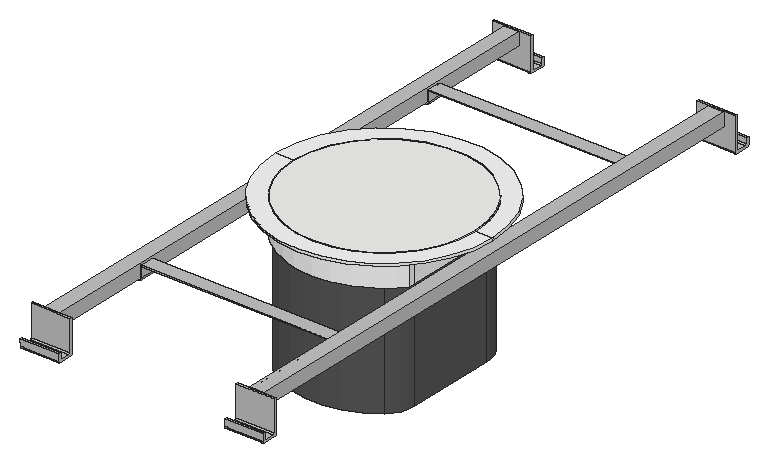
Revit family "Electronics_Commercial-Loudspeakers-Back-Can_Biamp_Full-Range_CM10TB", category Communication Devices, host Face, Revit 2020
Family settings
  Host = Face
  Maintain Annotation Orientation = No
  Round Connector Dimension = Use Diameter
  Part Type = Normal
  OmniClass Number = 23.85.10.11.14.14.14
  OmniClass Title = Loudspeakers
  Cut with Voids When Loaded = No
  Shared = No
  Room Calculation Point = No
Parameters (values of type "CM10TB")
  Weight = 4.60 lbf  # constant formula
  Version = 1
  URL = "https://www.biamp.com/"
  Transformer = "70 V: 10 W, 5 W, 2.5 W, 1.25 W, 0.625 W;  100 V: 10 W, 5 W, 2.5 W, 1.25 W"  # constant formula
  Transducer = "Full-range 1 x 5.5 (140 mm) paper diaphragm driver"  # constant formula
  Tile Bridge [instance] = yes
  Sensitivity = "1 m; 94 dB (2.83 V) ;94 dB (1 W, 8 Ω)"  # constant formula
  Required Accessories = "130 Hz, 12 dB / oct. Butterworth high pass flter;DSP presets for Tesira or ALCs "  # constant formula
  Recommended Amplifers = "10 W - 20 W, 8 Ω (9 V - 13 V)"  # constant formula
  Rated Maximum SPL(Processed) = "Peak - 115dB; Continuous - 103dB"  # constant formula
  Rated Continuous Voltage = "9 V (19 dBV)"  # constant formula
  Product data url = "https://bimobject.com/biamp/product/cm10tb-commercial-loudspeakers-back-can"
  Product Page URL = "https://www.biamp.com/products/product-families/commercial-loudspeakers/loudspeaker-back-can#cm10tb"
  Product Documentation Link = "https://downloads.biamp.com/assets/docs/default-source/data-sheets/biamp_datasheet_commercial_loudspeakers_cm10tb_5jun23.pdf"
  Operating Range (-10dB) = "120 Hz to 20 kHz  "  # constant formula
  Operating Mode = "Passive with selectable low-impedance or 70 V/100 V operation"  # constant formula
  Operating Environment = "Indoor"  # constant formula
  Nominal Maximum SPL(Processed) = "Peak - 109dB; Continuous - 103dB"  # constant formula
  Nominal Continuous Power Handling = "Passive 9 V (10 W @ 8 Ω)"  # constant formula
  Nominal Beamwidth (H x V) = "145°, (conical)"  # constant formula
  Nom ceiling thikness [instance] = if(or(Ceiling Thickness < 0.25197", Ceiling Thickness = 0.25197"), 0.25197", if(and(Ceiling Thickness > 0.25197", Ceiling Thickness < 3"), Ceiling Thickness, if(or(Ceiling Thickness > 3", Ceiling Thickness = 3"), 3", 0")))  # 0.3937"
  Mounting Provisions = "2 mounting clamps with 46 mm (1.8) grip range"  # constant formula
  Model = "CM10TB"  # constant formula
  Manufacturer = "Biamp"  # constant formula
  Input Connection = "4-position terminal block"  # constant formula
  Housing Material = Biamp - Metal - White
  Grill Material = Biamp - Plastic - White(Grid)
  Diameter = 6.25984"  # constant formula
  Description = "CM10TB Full-Range 5.5-Inch 2 FT X 2 FT Ceiling Mount Loudspeaker"  # constant formula
  Depth = 8.77953"  # constant formula
  Default Elevation = 48"
  Date Updated = ""
  Date Created = "2023/08/21"
  Controls = "Wattage / low impedance selector switch"  # constant formula
  Connector Description = "Terminal block; 9 V (10 W @ 8 Ω),70/100V operation"  # constant formula
  Compliance = "ETL listed to comply with UL1480, UL2043 and CSA62368-1 Suitable for use in air handling spaces per NFPA 70 and NFPA 90"  # constant formula
  Ceiling Thickness [instance] = 0.3937"
Reference planes (in)
  plane 1 "Center (Front/Back)": y = 0
  plane 2: z = 0
  plane 3 "Center (Left/Right)": x = 0
Forms (in)
  Extrusion 1, solid, material "Biamp - Plastic - Black", detail levels coarse
    sketch origin (0, 0, 0) x (1, 0, 0) y (0, 1, 0)
      loop
        circle (0, 0) r 3.70079
    from -5.82677 to -1.1811
  Extrusion 2, solid, material "Biamp - Plastic - White(Grid)" <- "Grill Material", detail levels coarse
    sketch origin (0, 0, 0) x (1, 0, 0) y (0, 1, 0)
      loop
        circle (0, 0) r 3.70079
    from 0 to 0.10236
  Revolve 3, solid, material "Biamp - Metal - White" <- "Housing Material", detail levels coarse
    sketch origin (0, 0, 0) x (1, 0, 0) y (0, 0, 1)
      loop
        line (-3.70079, 0.10236) -> (-4.40945, 0.10236) -> (-4.40945, 0) -> (-3.70079, 0) -> (-3.70079, 0.10236)
      axis (0, 0) -> (0, 0.10236)
    angle from 0 to 360
  Revolve 4, solid, material "Biamp - Metal - White" <- "Housing Material", detail levels coarse
    sketch origin (0, 0, 0) x (1, 0, 0) y (0, 0, 1)
      loop
        line (-3.70079, 0) -> (-3.70079, -1.1811) -> (0, -1.1811) -> (0, 0) -> (-3.70079, 0)
      axis (0, -1.1811) -> (0, 0)
    angle from 0 to 360
  Revolve 5, solid, material "Biamp - Metal - White" <- "Housing Material", detail levels medium+fine
    sketch origin (0, 0, 0) x (1, 0, 0) y (0, 0, 1)
      loop
        line (-3.70079, 0.10236) -> (-4.40945, 0.10236) -> (-4.40945, 0) -> (-3.70079, 0) -> (-3.70079, 0.10236)
      axis (0, 0) -> (0, 0.10236)
    angle from 0 to 360
  Extrusion 6, solid, material "Biamp - Plastic - White(Grid)" <- "Grill Material", detail levels medium+fine
    sketch origin (0, 0, 0) x (1, 0, 0) y (0, 1, 0)
      loop
        circle (0, 0) r 3.70079
    from 0 to 0.10236
  Revolve 7, solid, material "Biamp - Metal - White" <- "Housing Material", detail levels medium+fine
    sketch origin (0, 0, 0) x (1, 0, 0) y (0, 0, 1)
      loop
        line (-3.70079, 0) -> (-3.70079, -1.1811) -> (0, -1.1811) -> (0, 0) -> (-3.70079, 0)
      axis (0, -1.1811) -> (0, 0)
    angle from 0 to 360
  Extrusion 8, solid, material "Biamp - Plastic - Black", detail levels medium+fine
    sketch origin (0, 0, 0) x (1, 0, 0) y (0, 1, 0)
      loop
        circle (0, 0) r 3.70079
    from -5.82677 to -1.1811
  Extrusion 9, void
    sketch origin (0, 0, -5.82677) x (0, 1, 0) y (1, 0, 0)
      loop
        arc (1.82533, -2.69875) -> (2.36614, -2.59129) -> (2.82478, -2.28522) r 1.41452
        arc (2.82478, -2.28522) -> (3.62914, 0) -> (2.82478, 2.28522) r 3.64839
        arc (2.82478, 2.28522) -> (2.36614, 2.59129) -> (1.82533, 2.69875) r 1.41452
        line (1.82533, 2.69875) -> (-1.82533, 2.69875)
        arc (-1.82533, 2.69875) -> (-2.36614, 2.59129) -> (-2.82478, 2.28522) r 1.41452
        arc (-2.82478, 2.28522) -> (-3.62914, 0) -> (-2.82478, -2.28522) r 3.64839
        arc (-2.82478, -2.28522) -> (-2.36614, -2.59129) -> (-1.82533, -2.69875) r 1.41452
        line (-1.82533, -2.69875) -> (1.82533, -2.69875)
      loop
        circle (-0.01925, 0) r 4.13386
    from -4.64567 to 0
  Extrusion 10, void
    sketch origin (0, 0, -1.1811) x (0, 1, 0) y (1, 0, 0)
      loop
        arc (2.06693, 2.87272) -> (2.36085, 2.89381) -> (2.64874, 2.95664) r 2.05857
        arc (2.64874, 2.95664) -> (0, 3.8785) -> (-2.64874, 2.95664) r 4.26619
        arc (-2.64874, 2.95664) -> (-2.36085, 2.89381) -> (-2.06693, 2.87272) r 2.05857
        line (-2.06693, 2.87272) -> (2.06693, 2.87272)
      loop
        line (2.06693, -2.87272) -> (-2.06693, -2.87272)
        arc (-2.06693, -2.87272) -> (-2.36085, -2.89381) -> (-2.64874, -2.95664) r 2.05857
        arc (-2.64874, -2.95664) -> (0, -3.8785) -> (2.64874, -2.95664) r 4.26619
        arc (2.64874, -2.95664) -> (2.36085, -2.89381) -> (2.06693, -2.87272) r 2.05857
    from -0.83028 to 0.48545
  Extrusion 11, void
    sketch origin (0, 0, -5.82677) x (0, 1, 0) y (1, 0, 0)
      loop
        line (-1.19914, -1.92669) -> (-1.19914, 1.92669) -> (-2.3944, 1.92669) -> (-2.3944, -1.92669) -> (-1.19914, -1.92669)
    from -0.14795 to 0
  Extrusion 12, void
    sketch origin (0, 0, 0) x (1, 0, 0) y (0, 1, 0)
      loop
        circle (0, 0) r 3.70079
    from -5.82677 to 0
Cuts and joins
  Extrusion 9, Extrusion 11 cuts Extrusion 8
  Extrusion 10 cuts Revolve 7
  Extrusion 11 cuts Extrusion 1
Lines and regions (in)
  Masking region 1
    outline origin (0, 0, 0) x (1, 0, 0) y (0, 1, 0)
      loop
        circle (0, 0) r 4.40945
      loop
        circle (0, 0) r 3.70079
  Masking region 2
    outline origin (0, 0, 0) x (1, 0, 0) y (0, 1, 0)
      loop
        circle (0, 0) r 3.70079
  Masking region 3
    outline origin (0, 0, 0) x (1, 0, 0) y (0, 0, 1)
      loop
        line (-4.40945, 0.10236) -> (-4.40945, 0) -> (4.40945, 0) -> (4.40945, 0.10236) -> (-4.40945, 0.10236)
  Masking region 4
    outline origin (0, 0, 0) x (1, 0, 0) y (0, 0, 1)
      loop
        line (-3.70079, 0) -> (-3.70079, -5.82677) -> (3.70079, -5.82677) -> (3.70079, 0) -> (-3.70079, 0)
  reference lines
    curve 1: line (-19.1887, 0, -0.3937) -> (-10.52728, 0, -0.3937)
Dimensions and locks (in)
  "Nom ceiling thikness": plane 2 to curve 1
  aligned and locked: plane 2 to host face
  aligned and locked: level to host face
Automatic sketch dimensions
  host sketch curve to host sketch curve = 96"  (x2)
  plane 1 "Center (Front/Back)" to Extrusion 1 sketch curve = 0"
  Extrusion 1 sketch curve to plane 3 "Center (Left/Right)" = 0"
  plane 1 "Center (Front/Back)" to Extrusion 2 sketch curve = 0"
  Extrusion 2 sketch curve to plane 3 "Center (Left/Right)" = 0"
  Revolve 3 sketch curve to level = 0"
  Revolve 3 sketch curve to plane 3 "Center (Left/Right)" = 0"
  Revolve 3 sketch curve to plane 3 "Center (Left/Right)" = 3.70079"
  Revolve 3 sketch curve to Revolve 3 sketch curve = 0.70866"
  Revolve 3 sketch curve to Revolve 3 sketch curve = 0.10236"
  Revolve 3 sketch curve to level = 2.3622"
  level to Revolve 3 sketch curve = 1.5748"
  Revolve 4 sketch curve to level = 0"
  Revolve 4 sketch curve to plane 3 "Center (Left/Right)" = 0"  (x2)
  Revolve 4 sketch curve to level = 1.1811"
  Revolve 4 sketch curve to Revolve 4 sketch curve = 3.70079"
  Revolve 4 sketch curve to Revolve 4 sketch curve = 1.1811"
  Revolve 4 sketch curve to Revolve 4 sketch curve = 1.5748"
  Revolve 5 sketch curve to level = 0"
  Revolve 5 sketch curve to plane 3 "Center (Left/Right)" = 0"
  Revolve 5 sketch curve to plane 3 "Center (Left/Right)" = 3.70079"
  Revolve 5 sketch curve to Revolve 5 sketch curve = 0.70866"
  Revolve 5 sketch curve to Revolve 5 sketch curve = 0.10236"
  Revolve 5 sketch curve to level = 2.3622"
  level to Revolve 5 sketch curve = 1.5748"
  plane 1 "Center (Front/Back)" to Extrusion 6 sketch curve = 0"
  Extrusion 6 sketch curve to plane 3 "Center (Left/Right)" = 0"
  Revolve 7 sketch curve to level = 0"
  Revolve 7 sketch curve to plane 3 "Center (Left/Right)" = 0"  (x2)
  Revolve 7 sketch curve to level = 1.1811"
  Revolve 7 sketch curve to Revolve 7 sketch curve = 3.70079"
  Revolve 7 sketch curve to Revolve 7 sketch curve = 1.1811"
  Revolve 7 sketch curve to Revolve 7 sketch curve = 1.5748"
  plane 1 "Center (Front/Back)" to Extrusion 8 sketch curve = 0"
  Extrusion 8 sketch curve to plane 3 "Center (Left/Right)" = 0"
  Extrusion 9 sketch curve to Extrusion 9 sketch curve = 0"  (x4)
  Extrusion 9 sketch curve to Extrusion 9 sketch curve = 1.80608"  (x3)
  Extrusion 9 sketch curve to Extrusion 9 sketch curve = 0.03851"
  Extrusion 9 sketch curve to Extrusion 9 sketch curve = 1.41452"  (x3)
  Extrusion 9 sketch curve to Extrusion 9 sketch curve = 1.28423"  (x3)
  Extrusion 9 sketch curve to Extrusion 9 sketch curve = 0.99945"  (x2)
  Extrusion 10 sketch curve to Revolve 7 = 0"  (x2)
  Extrusion 10 sketch curve to Revolve 7 = 2.06693"  (x2)
  Revolve 7 to Extrusion 10 sketch curve = 2.06693"  (x2)
  Extrusion 10 sketch curve to Extrusion 10 sketch curve = 0"
  Extrusion 10 sketch curve to Extrusion 10 sketch curve = 2.05857"  (x3)
  Extrusion 10 sketch curve to Extrusion 10 sketch curve = 2.48503"  (x2)
  Extrusion 10 sketch curve to Extrusion 10 sketch curve = 0.77538"
  Extrusion 10 sketch curve to Extrusion 10 sketch curve = 0.58181"  (x2)
  Extrusion 11 sketch curve to Extrusion 11 sketch curve = 1.19526"
  Extrusion 11 sketch curve to Extrusion 11 sketch curve = 3.85338"
  Masking region 1 sketch curve to Masking region 1 sketch curve = 0"  (x2)
  plane 1 "Center (Front/Back)" to Masking region 1 sketch curve = 0"
  Masking region 1 sketch curve to plane 3 "Center (Left/Right)" = 0"
  plane 1 "Center (Front/Back)" to Masking region 2 sketch curve = 0"
  Masking region 2 sketch curve to plane 3 "Center (Left/Right)" = 0"
  Masking region 3 sketch curve to level = 0"
  Masking region 3 sketch curve to plane 3 "Center (Left/Right)" = 4.40945"
  plane 3 "Center (Left/Right)" to Masking region 3 sketch curve = 4.40945"
  Masking region 3 sketch curve to Masking region 3 sketch curve = 0.10236"
  Masking region 4 sketch curve to level = 0"
  Masking region 4 sketch curve to plane 3 "Center (Left/Right)" = 3.70079"
  plane 3 "Center (Left/Right)" to Masking region 4 sketch curve = 3.70079"
  Masking region 4 sketch curve to level = 5.82677"
  plane 1 "Center (Front/Back)" to Extrusion 12 sketch curve = 0"
  Extrusion 12 sketch curve to plane 3 "Center (Left/Right)" = 0"
  curve 1 to plane 3 "Center (Left/Right)" = 19.1887"
  curve 1 to curve 1 = 8.66142"
  radius of Extrusion 1 sketch curve = 3.70079"
  radius of Extrusion 2 sketch curve = 3.70079"
  radius of Extrusion 6 sketch curve = 3.70079"
  radius of Extrusion 8 sketch curve = 3.70079"
  radius of Extrusion 9 sketch curve = 4.13386"
  radius of Masking region 1 sketch curve = 4.40945"
  radius of Masking region 1 sketch curve = 3.70079"
  radius of Masking region 2 sketch curve = 3.70079"
  radius of Extrusion 12 sketch curve = 3.70079"
Nested families (in)
  nested 1: "Tile rail" at (-4.16491, 0, -0.3937) x (1, 0, 0) z (0, 0, -1), visible <- "Tile Bridge", type "Tile rail"
    with Housing Material Biamp - Metal - Gray
  nested 2: "Tile rail" at (4.16491, 0, -0.3937) x (1, 0, 0) z (0, 0, -1), visible <- "Tile Bridge", type "Tile rail"
    with Housing Material Biamp - Metal - Gray
  nested 3: "Tile rail spaser" at (0, 7.30151, -0.45522) x (0, -1, 0) z (0, 0, -1), visible <- "Tile Bridge", type "Tile rail spaser"
    with Housing Material Biamp - Metal - Gray
  nested 4: "Tile rail spaser" at (0, -7.30151, -0.45522) x (0, -1, 0) z (0, 0, -1), visible <- "Tile Bridge", type "Tile rail spaser"
    with Housing Material Biamp - Metal - Gray
Connectors (in)
  electrical at (0, -1.79677, -5.67882), driven by "Connector Description"
    settings: on cut or joined group of Extrusion 8, Extrusion 9, Extrusion 11, index 1, voltage 0 V, apparent load 0 VA, apparent load phase1 0 VA, apparent load phase2 0 VA, apparent load phase3 0 VA, power factor 1, load classification "Other", number of poles 1, system type 5, power factor state 1, is connector primary yes, connector utility no, sub classification motor no, connector description "Terminal block; 9 V (10 W @ 8 Ω),70/100V operation"
Definition of nested family "Tile rail"
  Parameters (values of type "Tile rail")
    Housing Material [instance] = none
    Height = 0"
    Default Elevation = 48"
  Reference planes (in)
    plane 1 "Center (Front/Back)": y = 0
    plane 2: z = 0
    plane 3 "Center (Left/Right)": x = 0
  Forms (in)
    Extrusion 1, solid, material <- "Housing Material"
      sketch origin (0, 0, 0) x (0, 1, 0) y (0, 0, 1)
        loop
          line (11.77165, 0) -> (11.77165, 1.24632)
          arc (11.77165, 1.24632) -> (11.78715, 1.28372) -> (11.82455, 1.29921) r 0.0529
          line (11.82455, 1.29921) -> (12.21564, 1.29921)
          arc (12.21564, 1.29921) -> (12.24968, 1.28511) -> (12.26378, 1.25107) r 0.04814
          line (12.26378, 1.25107) -> (12.26378, 1.05307) -> (12.34252, 1.05307) -> (12.34252, 1.32954)
          arc (12.34252, 1.32954) -> (12.32834, 1.36377) -> (12.29411, 1.37795) r 0.04841
          line (12.29411, 1.37795) -> (11.74385, 1.37795)
          arc (11.74385, 1.37795) -> (11.70783, 1.36303) -> (11.69291, 1.32702) r 0.05093
          line (11.69291, 1.32702) -> (11.69291, 0) -> (11.77165, 0)
        loop
          line (-11.77165, 0) -> (-11.69291, 0) -> (-11.69291, 1.32702)
          arc (-11.69291, 1.32702) -> (-11.70783, 1.36303) -> (-11.74385, 1.37795) r 0.05093
          line (-11.74385, 1.37795) -> (-12.29411, 1.37795)
          arc (-12.29411, 1.37795) -> (-12.32834, 1.36377) -> (-12.34252, 1.32954) r 0.04841
          line (-12.34252, 1.32954) -> (-12.34252, 1.05307) -> (-12.26378, 1.05307) -> (-12.26378, 1.25107)
          arc (-12.26378, 1.25107) -> (-12.24968, 1.28511) -> (-12.21564, 1.29921) r 0.04814
          line (-12.21564, 1.29921) -> (-11.82455, 1.29921)
          arc (-11.82455, 1.29921) -> (-11.78715, 1.28372) -> (-11.77165, 1.24632) r 0.0529
          line (-11.77165, 1.24632) -> (-11.77165, 0)
      from -0.7874 to 0.7874
    Extrusion 2, solid, material <- "Housing Material"
      sketch origin (0, 0, 0) x (1, 0, 0) y (0, 0, 1)
        loop
          line (-0.29925, 0) -> (0.29925, 0) -> (0.29925, 0.54352) -> (0.2402, 0.54352) -> (0.2402, 0.05906) -> (-0.2402, 0.05906) -> (-0.2402, 0.54352) -> (-0.29925, 0.54352) -> (-0.29925, 0)
      from -11.69291 to 11.69291
  Lines and regions (in)
    Masking region 1
      outline origin (0, 0, 0) x (1, 0, 0) y (0, 1, 0)
        loop
          line (-0.7874, 12.34252) -> (-0.7874, 11.69291) -> (0.7874, 11.69291) -> (0.7874, 12.34252) -> (-0.7874, 12.34252)
        loop
          line (-0.7874, -11.69291) -> (-0.7874, -12.34252) -> (0.7874, -12.34252) -> (0.7874, -11.69291) -> (-0.7874, -11.69291)
    Masking region 2
      outline origin (0, 0, 0) x (1, 0, 0) y (0, 1, 0)
        loop
          line (-0.29925, 11.69291) -> (-0.29925, -11.69291) -> (-0.2402, -11.69291) -> (-0.2402, 11.69291) -> (-0.29925, 11.69291)
        loop
          line (0.29925, 11.69291) -> (0.2402, 11.69291) -> (0.2402, -11.69291) -> (0.29925, -11.69291) -> (0.29925, 11.69291)
    Masking region 3
      outline origin (0, 0, 0) x (1, 0, 0) y (0, 1, 0)
        loop
          line (0.2402, -11.69291) -> (0.2402, 11.69291) -> (-0.2402, 11.69291) -> (-0.2402, -11.69291) -> (0.2402, -11.69291)
    Masking region 4
      outline origin (0, 0, 0) x (1, 0, 0) y (0, 0, 1)
        loop
          line (-0.7874, 1.37795) -> (-0.7874, 1.05307) -> (0.7874, 1.05307) -> (0.7874, 1.37795) -> (-0.7874, 1.37795)
    Masking region 5
      outline origin (0, 0, 0) x (1, 0, 0) y (0, 0, 1)
        loop
          line (-0.7874, 1.05307) -> (-0.7874, 0) -> (0.7874, 0) -> (0.7874, 1.05307) -> (-0.7874, 1.05307)
  Dimensions and locks (in)
    aligned and locked: level to plane 2
Definition of nested family "Tile rail spaser"
  Parameters (values of type "Tile rail spaser")
    Housing Material [instance] = none
    Height = 0"
    Default Elevation = 48"
  Reference planes (in)
    plane 1 "Center (Front/Back)": y = 0
    plane 2: z = 0
    plane 3 "Center (Left/Right)": x = 0
  Forms (in)
    Extrusion 1, solid, material <- "Housing Material"
      sketch origin (0, 0, 0) x (0, 1, 0) y (0, 0, 1)
        loop
          line (3.85262, 0) -> (3.83692, 0.4496)
          arc (3.83692, 0.4496) -> (3.8878, 0.50229) -> (3.93867, 0.4496) r 0.05091
          line (3.93867, 0.4496) -> (3.92297, 0) -> (4.12402, 0) -> (4.12402, 0.0315) -> (3.96347, 0.0315) -> (3.97801, 0.4479)
          arc (3.97801, 0.4479) -> (3.8878, 0.54132) -> (3.79758, 0.4479) r 0.09027
          line (3.79758, 0.4479) -> (3.81212, 0.0315) -> (-3.82443, 0.0315) -> (-3.80988, 0.4479)
          arc (-3.80988, 0.4479) -> (-3.9001, 0.54132) -> (-3.99031, 0.4479) r 0.09027
          line (-3.99031, 0.4479) -> (-3.97577, 0.0315) -> (-4.12402, 0.0315) -> (-4.12402, 0) -> (-3.93528, 0) -> (-3.95098, 0.4496)
          arc (-3.95098, 0.4496) -> (-3.9001, 0.50229) -> (-3.84922, 0.4496) r 0.05091
          line (-3.84922, 0.4496) -> (-3.86492, 0) -> (3.85262, 0)
      from -0.29528 to 0.29528
  Lines and regions (in)
    Masking region 1
      outline origin (0, 0, 0) x (1, 0, 0) y (0, 1, 0)
        loop
          line (-0.29528, 4.12402) -> (-0.29528, 3.97806) -> (0.29528, 3.97806) -> (0.29528, 4.12402) -> (-0.29528, 4.12402)
        loop
          line (-0.29528, 3.79753) -> (-0.29528, -3.80735) -> (0.29528, -3.80735) -> (0.29528, 3.79753) -> (-0.29528, 3.79753)
        loop
          line (-0.29528, -3.99037) -> (-0.29528, -4.12402) -> (0.29528, -4.12402) -> (0.29528, -3.99037) -> (-0.29528, -3.99037)
    Masking region 2
      outline origin (0, 0, 0) x (1, 0, 0) y (0, 1, 0)
        loop
          line (-0.29528, -3.80988) -> (-0.29528, -3.99031) -> (0.29528, -3.99031) -> (0.29528, -3.80988) -> (-0.29528, -3.80988)
        loop
          line (-0.29528, 3.97801) -> (-0.29528, 3.79753) -> (0.29528, 3.79753) -> (0.29528, 3.97801) -> (-0.29528, 3.97801)
    Masking region 3
      outline origin (0, 0, 0) x (1, 0, 0) y (0, 0, 1)
        loop
          line (-0.29528, 0.54132) -> (-0.29528, 0.0315) -> (0.29528, 0.0315) -> (0.29528, 0.54132) -> (-0.29528, 0.54132)
    Masking region 4
      outline origin (0, 0, 0) x (1, 0, 0) y (0, 0, 1)
        loop
          line (-0.29528, 0.0315) -> (-0.29528, 0) -> (0.29528, 0) -> (0.29528, 0.0315) -> (-0.29528, 0.0315)
  Dimensions and locks (in)
    aligned and locked: level to plane 2
